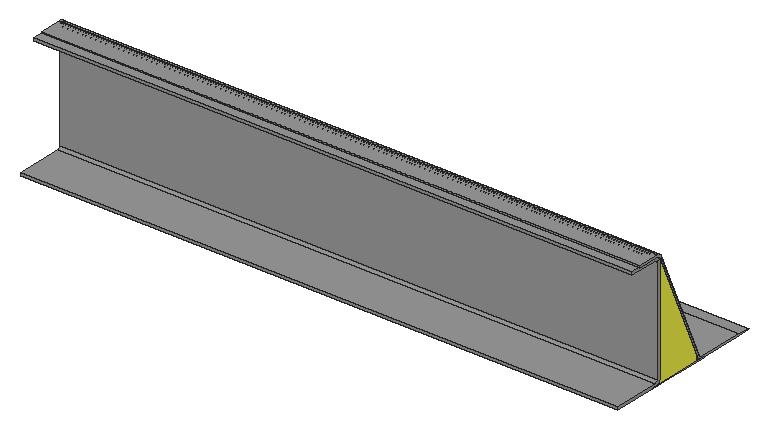
Revit family "XCFS K 110 WOL", category Generic Models, Revit 2014
Parameters (values of type "Max lintel length 3600mm")
  URL = "http://www.keystonelintels.co.uk"
  Structural Opening [instance] = 900 mm
  Structural Performance = "The Keystone lintel range has safe working loads as detailed in each applicable loading table in the Keystone Lintel Guide brochure. The structural performance figures within each table have been ascertained by testing in accordance with the requirements of standards BS EN 5977-2: 1983 and BS EN 845-2: 2003."
  RIBA Productor Selector = "available for Keystone Lintels Ltd from Keystone Lintels Ltd from ribaproductselector.com"
  Model = "XCFS/K 110 WOL"
  Min Length = 600 mm
  Min Clear Span = 300 mm
  Max Length = 3600 mm
  Max Clear Span = 3600 mm
  Material - Stainless Steel = "Grade 304 2b 1.4307 to BS EN 10088-2. Other grades available on request: contact manufacturer."
  Material - Galvanised Steel = "To BS EN 10346: 2009. DX51D plus Z600 or grade Z275 to BS 5977-2: 1983 (BS EN 845-2: 2003)."
  Manufacturer = "Keystone"
  Manufactured Length [instance] = (roundup(Effective Length / 150 mm) * 150 mm)  # 1200 mm
  Lintel height [instance] = 2100 mm
  Keynote = "F30/755"
  Fire Performance = "Keystone lintels have been subjected to a fire test (WARRES No. 101263) in accordance with BS 476-20: 1987, at Exova Warrington Fire and achieved a one hour fire performance."
  End Bearing = 150 mm
  Effective Length [instance] = Clear Opening with MIN MAX set + End Bearing * 2  # 1200 mm
  Corrosion = "Keystone’s standard range of lintels are manufactured from high quality grade pre-galvanized carbon steel with a zinc coating of 600"
  Contact Tel = "+44 (0)28 8676 2184"
  Contact Email = "info@keystonelintels.co.uk"
  Clear Opening with MIN MAX set [instance] = if(Structural Opening < Min Clear Span, Min Clear Span, (if(Structural Opening > Max Clear Span, Max Clear Span, Structural Opening)))  # 900 mm
  CPD Information = "Available for Keystone Lintels Ltd from ribacpd.com"
Reference planes
  plane 1 "Center (Front/Back)": y = 0
  plane 2: z = 0
  plane 3 "Center (Left/Right)": x = 0
  plane 4: x = -600
  plane 5: x = 600
  plane 6: z = 2100
  plane 7: x = -450
  plane 8: x = 450
Forms (mm)
  Extrusion 1, solid, material "Steel"
    sketch origin (0, 728.125, -493.091) x (0, 1, 0) y (0, 0, 1)
      loop
        line (-578.023, 2593.091) -> (-553.078, 2592.24) -> (-552.968, 2595.438) -> (-577.968, 2596.291) -> (-671.901, 2596.291)
        arc (-671.901, 2596.291) -> (-675.182, 2597.519) -> (-676.853, 2600.599) r 5
        line (-676.853, 2600.599) -> (-773.246, 2822.697)
        arc (-773.246, 2822.697) -> (-776.222, 2826.816) -> (-781.053, 2828.391) r 8.2
        line (-781.053, 2828.391) -> (-826.391, 2828.391) -> (-826.391, 2825.191) -> (-781.053, 2825.191)
        arc (-781.053, 2825.191) -> (-778.096, 2824.222) -> (-776.284, 2821.692) r 5
        line (-776.284, 2821.692) -> (-679.967, 2599.814)
        arc (-679.967, 2599.814) -> (-677.151, 2594.992) -> (-671.901, 2593.091) r 8.2
        line (-671.901, 2593.091) -> (-578.023, 2593.091)
    from -600 to 600
  Extrusion 2, solid, material "Steel"
    sketch origin (0, 728.125, -493.091) x (0, 1, 0) y (0, 0, 1)
      loop
        arc (-786.004, 2593.091) -> (-778.933, 2596.02) -> (-776.004, 2603.091) r 10
        line (-776.004, 2603.091) -> (-776.004, 2815.191)
        arc (-776.004, 2815.191) -> (-778.933, 2822.262) -> (-786.004, 2825.191) r 10
        line (-786.004, 2825.191) -> (-846.004, 2825.191) -> (-846.004, 2820.191) -> (-786.004, 2820.191)
        arc (-786.004, 2820.191) -> (-782.468, 2818.727) -> (-781.004, 2815.191) r 5
        line (-781.004, 2815.191) -> (-781.004, 2603.091)
        arc (-781.004, 2603.091) -> (-782.468, 2599.556) -> (-786.004, 2598.091) r 5
        line (-786.004, 2598.091) -> (-881.004, 2598.091) -> (-881.004, 2593.091) -> (-786.004, 2593.091)
    from -600 to 600
  Extrusion 3, solid, material "Steel"
    sketch origin (0, 728.125, -493.091) x (0, 1, 0) y (0, 0, 1)
      loop
        line (-664.504, 2592.091) -> (-664.504, 2593.091) -> (-681.504, 2593.091) -> (-681.504, 2601.091) -> (-682.504, 2601.091) -> (-682.504, 2593.091) -> (-794.504, 2593.091) -> (-794.504, 2592.091) -> (-664.504, 2592.091)
    from -600 to 600
  Extrusion 4, solid, material "Insulation"
    sketch origin (0, 728.125, -493.091) x (0, 1, 0) y (0, 0, 1)
      loop
        line (-681.504, 2593.091) -> (-671.901, 2593.091)
        arc (-671.901, 2593.091) -> (-677.151, 2594.992) -> (-679.967, 2599.814) r 8.2
        line (-679.967, 2599.814) -> (-776.284, 2821.692)
        arc (-776.284, 2821.692) -> (-778.096, 2824.222) -> (-781.053, 2825.191) r 5
        line (-781.053, 2825.191) -> (-786.004, 2825.191)
        arc (-786.004, 2825.191) -> (-778.933, 2822.262) -> (-776.004, 2815.191) r 10
        line (-776.004, 2815.191) -> (-776.004, 2603.091)
        arc (-776.004, 2603.091) -> (-778.933, 2596.02) -> (-786.004, 2593.091) r 10
        line (-786.004, 2593.091) -> (-682.504, 2593.091) -> (-682.504, 2601.091) -> (-681.504, 2601.091) -> (-681.504, 2593.091)
    from -600 to 600
  Extrusion 5, solid, not visible
    sketch origin (0, 990.162, 1250.186) x (0, 1, 0) y (0, 0, 1)
      loop
        line (-578.023, 993.091) -> (-553.078, 992.24) -> (-552.968, 995.438) -> (-577.968, 996.291) -> (-671.901, 996.291)
        arc (-671.901, 996.291) -> (-675.182, 997.519) -> (-676.853, 1000.599) r 5
        line (-676.853, 1000.599) -> (-773.246, 1222.697)
        arc (-773.246, 1222.697) -> (-776.222, 1226.816) -> (-781.053, 1228.391) r 8.2
        line (-781.053, 1228.391) -> (-826.391, 1228.391) -> (-826.391, 1225.191) -> (-781.053, 1225.191)
        arc (-781.053, 1225.191) -> (-778.096, 1224.222) -> (-776.284, 1221.692) r 5
        line (-776.284, 1221.692) -> (-679.967, 999.814)
        arc (-679.967, 999.814) -> (-677.151, 994.992) -> (-671.901, 993.091) r 8.2
        line (-671.901, 993.091) -> (-578.023, 993.091)
    from 0 to 250
  Extrusion 6, solid, not visible
    sketch origin (0, 704.652, 1226.104) x (0, 1, 0) y (0, 0, 1)
      loop
        arc (-786.004, 993.091) -> (-778.933, 996.02) -> (-776.004, 1003.091) r 10
        line (-776.004, 1003.091) -> (-776.004, 1215.191)
        arc (-776.004, 1215.191) -> (-778.933, 1222.262) -> (-786.004, 1225.191) r 10
        line (-786.004, 1225.191) -> (-846.004, 1225.191) -> (-846.004, 1220.191) -> (-786.004, 1220.191)
        arc (-786.004, 1220.191) -> (-782.468, 1218.727) -> (-781.004, 1215.191) r 5
        line (-781.004, 1215.191) -> (-781.004, 1003.091)
        arc (-781.004, 1003.091) -> (-782.468, 999.556) -> (-786.004, 998.091) r 5
        line (-786.004, 998.091) -> (-881.004, 998.091) -> (-881.004, 993.091) -> (-786.004, 993.091)
    from 0 to 250
  Extrusion 7, solid, not visible
    sketch origin (0, 1011.103, 1034.25) x (0, 1, 0) y (0, 0, 1)
      loop
        line (-664.504, 992.091) -> (-664.504, 993.091) -> (-681.504, 993.091) -> (-681.504, 1001.091) -> (-682.504, 1001.091) -> (-682.504, 993.091) -> (-794.504, 993.091) -> (-794.504, 992.091) -> (-664.504, 992.091)
    from 0 to 250
  Extrusion 8, solid, not visible
    sketch origin (0, 594.234, 891.074) x (0, 1, 0) y (0, 0, 1)
      loop
        line (-681.504, 993.091) -> (-671.901, 993.091)
        arc (-671.901, 993.091) -> (-677.151, 994.992) -> (-679.967, 999.814) r 8.2
        line (-679.967, 999.814) -> (-776.284, 1221.692)
        arc (-776.284, 1221.692) -> (-778.096, 1224.222) -> (-781.053, 1225.191) r 5
        line (-781.053, 1225.191) -> (-786.004, 1225.191)
        arc (-786.004, 1225.191) -> (-778.933, 1222.262) -> (-776.004, 1215.191) r 10
        line (-776.004, 1215.191) -> (-776.004, 1003.091)
        arc (-776.004, 1003.091) -> (-778.933, 996.02) -> (-786.004, 993.091) r 10
        line (-786.004, 993.091) -> (-682.504, 993.091) -> (-682.504, 1001.091) -> (-681.504, 1001.091) -> (-681.504, 993.091)
    from 0 to 250
Dimensions and locks
  equal spacing: plane 4, plane 3 "Center (Left/Right)", plane 5
  "Manufactured Length": plane 4 to plane 5
  "Lintel height": plane 6 to level
  "Structural Opening": plane 7 to plane 8
  equal spacing: plane 7, plane 3 "Center (Left/Right)", plane 8
  aligned and locked: level to plane 2
  aligned and locked: Extrusion 1 to plane 6
  aligned and locked: Extrusion 4 to plane 6
  aligned and locked: Extrusion 2 to plane 6
  aligned and locked: plane 6 to Extrusion 3
  aligned and locked: plane 5 to Extrusion 2
  aligned and locked: Extrusion 2 to plane 4
  aligned and locked: plane 5 to Extrusion 1
  aligned and locked: Extrusion 1 to plane 4
  aligned and locked: plane 5 to Extrusion 4
  aligned and locked: Extrusion 4 to plane 4
  aligned and locked: plane 5 to Extrusion 3
  aligned and locked: Extrusion 3 to plane 4
Automatic sketch dimensions
  Extrusion 1 sketch curve to Extrusion 1 sketch curve = 93.878 mm
  Extrusion 1 sketch curve to Extrusion 1 sketch curve = 24.945 mm
  Extrusion 1 sketch curve to Extrusion 1 sketch curve = 0.851 mm
  Extrusion 1 sketch curve to Extrusion 1 sketch curve = 0.109 mm
  Extrusion 1 sketch curve to Extrusion 1 sketch curve = 0.055 mm
  Extrusion 1 sketch curve to Extrusion 1 sketch curve = 0 mm  (x8)
  Extrusion 1 sketch curve to Extrusion 1 sketch curve = 5 mm
  Extrusion 1 sketch curve to Extrusion 1 sketch curve = 8.066 mm
  Extrusion 1 sketch curve to Extrusion 1 sketch curve = 3.114 mm
  Extrusion 1 sketch curve to Extrusion 1 sketch curve = 93.279 mm
  Extrusion 1 sketch curve to Extrusion 1 sketch curve = 222.883 mm
  Extrusion 1 sketch curve to Extrusion 1 sketch curve = 3.038 mm
  Extrusion 1 sketch curve to Extrusion 1 sketch curve = 1.006 mm
  Extrusion 1 sketch curve to Extrusion 1 sketch curve = 4.77 mm
  Extrusion 1 sketch curve to Extrusion 1 sketch curve = 1.5 mm
  Extrusion 1 sketch curve to Extrusion 1 sketch curve = 45.337 mm
  Extrusion 2 sketch curve to Extrusion 2 sketch curve = 95 mm
  Extrusion 2 sketch curve to Extrusion 2 sketch curve = 5 mm  (x3)
  Extrusion 2 sketch curve to Extrusion 2 sketch curve = 0 mm  (x8)
  Extrusion 2 sketch curve to Extrusion 2 sketch curve = 212.1 mm
  Extrusion 2 sketch curve to Extrusion 2 sketch curve = 60 mm
  Extrusion 3 sketch curve to Extrusion 3 sketch curve = 1 mm  (x2)
  Extrusion 3 sketch curve to Extrusion 3 sketch curve = 8 mm
  Extrusion 3 sketch curve to Extrusion 3 sketch curve = 0 mm  (x2)
  Extrusion 3 sketch curve to Extrusion 3 sketch curve = 17 mm
  Extrusion 3 sketch curve to Extrusion 3 sketch curve = 112 mm
  Extrusion 4 sketch curve to Extrusion 4 sketch curve = 8.066 mm
  Extrusion 4 sketch curve to Extrusion 4 sketch curve = 1.537 mm
  Extrusion 4 sketch curve to Extrusion 4 sketch curve = 0 mm  (x4)
  Extrusion 4 sketch curve to Extrusion 4 sketch curve = 1.477 mm
  Extrusion 4 sketch curve to Extrusion 4 sketch curve = 96.317 mm
  Extrusion 4 sketch curve to Extrusion 4 sketch curve = 221.878 mm
  Extrusion 4 sketch curve to Extrusion 4 sketch curve = 1.277 mm
  Extrusion 4 sketch curve to Extrusion 4 sketch curve = 1 mm
  Extrusion 4 sketch curve to Extrusion 4 sketch curve = 103.5 mm
  Extrusion 4 sketch curve to Extrusion 4 sketch curve = 10 mm  (x2)
  Extrusion 4 sketch curve to Extrusion 4 sketch curve = 6.5 mm
  Extrusion 4 sketch curve to Extrusion 4 sketch curve = 4.77 mm
  Extrusion 4 sketch curve to Extrusion 4 sketch curve = 1.5 mm
  Extrusion 4 sketch curve to Extrusion 4 sketch curve = 4.951 mm
  Extrusion 4 sketch curve to Extrusion 4 sketch curve = 6.723 mm
  Extrusion 5 sketch curve to Extrusion 5 sketch curve = 93.878 mm
  Extrusion 5 sketch curve to Extrusion 5 sketch curve = 24.945 mm
  Extrusion 5 sketch curve to Extrusion 5 sketch curve = 0.851 mm
  Extrusion 5 sketch curve to Extrusion 5 sketch curve = 0.109 mm
  Extrusion 5 sketch curve to Extrusion 5 sketch curve = 0.055 mm
  Extrusion 5 sketch curve to Extrusion 5 sketch curve = 0 mm  (x8)
  Extrusion 5 sketch curve to Extrusion 5 sketch curve = 5 mm
  Extrusion 5 sketch curve to Extrusion 5 sketch curve = 8.066 mm
  Extrusion 5 sketch curve to Extrusion 5 sketch curve = 3.114 mm
  Extrusion 5 sketch curve to Extrusion 5 sketch curve = 93.279 mm
  Extrusion 5 sketch curve to Extrusion 5 sketch curve = 222.883 mm
  Extrusion 5 sketch curve to Extrusion 5 sketch curve = 3.038 mm
  Extrusion 5 sketch curve to Extrusion 5 sketch curve = 1.006 mm
  Extrusion 5 sketch curve to Extrusion 5 sketch curve = 4.77 mm
  Extrusion 5 sketch curve to Extrusion 5 sketch curve = 1.5 mm
  Extrusion 5 sketch curve to Extrusion 5 sketch curve = 45.337 mm
  Extrusion 6 sketch curve to Extrusion 6 sketch curve = 95 mm
  Extrusion 6 sketch curve to Extrusion 6 sketch curve = 5 mm  (x3)
  Extrusion 6 sketch curve to Extrusion 6 sketch curve = 0 mm  (x8)
  Extrusion 6 sketch curve to Extrusion 6 sketch curve = 212.1 mm
  Extrusion 6 sketch curve to Extrusion 6 sketch curve = 60 mm
  Extrusion 7 sketch curve to Extrusion 7 sketch curve = 1 mm  (x2)
  Extrusion 7 sketch curve to Extrusion 7 sketch curve = 8 mm
  Extrusion 7 sketch curve to Extrusion 7 sketch curve = 0 mm  (x2)
  Extrusion 7 sketch curve to Extrusion 7 sketch curve = 17 mm
  Extrusion 7 sketch curve to Extrusion 7 sketch curve = 112 mm
  Extrusion 8 sketch curve to Extrusion 8 sketch curve = 8.066 mm
  Extrusion 8 sketch curve to Extrusion 8 sketch curve = 1.537 mm
  Extrusion 8 sketch curve to Extrusion 8 sketch curve = 0 mm  (x4)
  Extrusion 8 sketch curve to Extrusion 8 sketch curve = 1.477 mm
  Extrusion 8 sketch curve to Extrusion 8 sketch curve = 96.317 mm
  Extrusion 8 sketch curve to Extrusion 8 sketch curve = 221.878 mm
  Extrusion 8 sketch curve to Extrusion 8 sketch curve = 1.277 mm
  Extrusion 8 sketch curve to Extrusion 8 sketch curve = 1 mm
  Extrusion 8 sketch curve to Extrusion 8 sketch curve = 103.5 mm
  Extrusion 8 sketch curve to Extrusion 8 sketch curve = 10 mm  (x2)
  Extrusion 8 sketch curve to Extrusion 8 sketch curve = 6.5 mm
  Extrusion 8 sketch curve to Extrusion 8 sketch curve = 4.77 mm
  Extrusion 8 sketch curve to Extrusion 8 sketch curve = 1.5 mm
  Extrusion 8 sketch curve to Extrusion 8 sketch curve = 4.951 mm
  Extrusion 8 sketch curve to Extrusion 8 sketch curve = 6.723 mm
  Extrusion 4 sketch curve to plane 6 = 0 mm
  plane 1 "Center (Front/Back)" to Extrusion 4 sketch curve = 57.879 mm
  Extrusion 2 sketch curve to plane 6 = 0 mm
  plane 1 "Center (Front/Back)" to Extrusion 2 sketch curve = 152.879 mm
  Extrusion 3 sketch curve to plane 6 = 0 mm
  plane 1 "Center (Front/Back)" to Extrusion 3 sketch curve = 66.379 mm
  Extrusion 1 sketch curve to plane 6 = 0 mm
  plane 1 "Center (Front/Back)" to Extrusion 1 sketch curve = 98.265 mm
